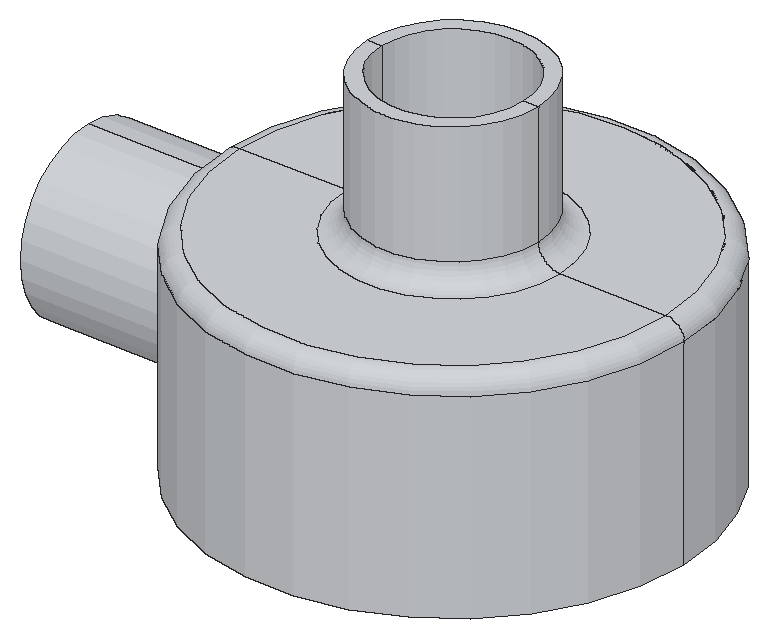
Revit family "TB2B", category Generic Models, Revit 2017
Family settings
  Can host rebar = No
  Round Connector Dimension = Use Diameter
  Part Type = Normal
  Work Plane-Based = Yes
  Always vertical = No
  Cut with Voids When Loaded = No
  Shared = No
  Room Calculation Point = No
Parameters (values of type "NBS Standard Parameters")
  weight = "0.290Kg"
  WarrantyStartDate [instance] = "1900-12-31T23:59:59"
  WarrantyGuarantorParts = "n/a"
  WarrantyGuarantorLabor = "n/a"
  WarrantyDurationUnit = "1 year"
  WarrantyDurationParts = "n/a"
  WarrantyDurationLabor = "n/a"
  WarrantyDescription = "n/a"
  Version = "1"
  Uniclass2 = "Pr_65_70_11_20"
  TagNumber [instance] = "n/a"
  SustainabilityPerformance = "n/a"
  Size = "n/a"
  Shape = "20mm"
  SerialNumber [instance] = "Circular"
  Revision = "n/a"
  ReplacementCost = "n/a"
  ProductInformation = "www.metpro.co.uk/pdf/tb2g.pdf"
  NominalWidth = 66 mm
  NominalLength = 66 mm
  NominalHeight = 50 mm
  Name = ""
  NBSTypeID = ""
  NBSReference = "90-55-10/460"
  NBSOfficeMasterTag = ""
  NBSNote = ""
  NBSDescription = "Conduit Fittings"
  NBSCertification = ""
  ModelReference = "TB2B"
  ModelNumber = "n/a"
  Material = "Malleable Iron"
  ManufacturerURL = "www.metpro.co.uk"
  ManufacturerName = "Metpro Ltd"
  InstallationDate [instance] = "1900-12-31T23:59:59"
  IfcExportType = ""
  IfcExportAs = ""
  Grade = "n/a"
  Finish = "Black"
  Features = "n/a"
  ExpectedLife = "n/a"
  DurationUnit = "year"
  Description = "TB2B - 20mm Terminal Back Outlet Malleable Conduit Box"
  Default Elevation = 1219.2 mm
  Constituents = "n/a"
  Color = "n/a"
  CodePerformance = "n/a"
  Category = "n/a"
  BarCode [instance] = "n/a"
  BIMObjectName = "Metpro_metprolibrary_conduitfittings_metalcomponents_malleablecircularbox"
  Author = "Metpro Ltd"
  AssetType = ""
  AssetIdentifier [instance] = "n/a"
  AccessibilityPerformance = "n/a"
Reference planes
  plane 1 "Center (Front/Back)": y = 0
  plane 2: z = 0
  plane 3 "Center (Left/Right)": x = 0
Forms (mm)
  Revolve 1, solid
    sketch origin (-29.119, 25.271, 15.271) x (1, 0, 0) y (0, 0, -1)
      loop
        line (-32.5, 40.541) -> (-32.5, 12.5)
        arc (-32.5, 12.5) -> (-31.768, 10.732) -> (-30, 10) r 2.5
        line (-30, 10) -> (-15.03, 10)
        arc (-15.03, 10) -> (-12.909, 9.121) -> (-12.03, 7) r 3
        line (-12.03, 7) -> (-12.03, -10) -> (-10, -10) -> (-10, 10.411)
        arc (-10, 10.411) -> (-10.624, 11.917) -> (-12.131, 12.541) r 2.131
        line (-12.131, 12.541) -> (-27, 12.541)
        arc (-27, 12.541) -> (-29.121, 13.42) -> (-30, 15.541) r 3
        line (-30, 15.541) -> (-30, 40.541) -> (-32.5, 40.541)
      axis (0, -10) -> (0, 40.541)
    angle from 0 to 360
  Extrusion 2, solid
    sketch origin (-29.119, 25.271, -25.271) x (-1, 0, 0) y (0, 1, 0)
      loop
        arc (-21.577, 13.805) -> (-16.02, 13.887) -> (-15.821, 19.441) r 4.033
        line (-15.821, 19.441) -> (-19.326, 22.946)
        arc (-19.326, 22.946) -> (-22.235, 20.14) -> (-24.74, 16.968) r 30
        line (-24.74, 16.968) -> (-21.577, 13.805)
      loop
        circle (-18.842, 16.769) r 1.752
      loop
        line (13.805, -21.577) -> (16.968, -24.74)
        arc (16.968, -24.74) -> (20.14, -22.235) -> (22.946, -19.326) r 30
        line (22.946, -19.326) -> (19.441, -15.821)
        arc (19.441, -15.821) -> (13.887, -16.02) -> (13.805, -21.577) r 4.033
      loop
        circle (16.769, -18.842) r 1.752
    from -2.782 to 0
  Extrusion 3, void
    sketch origin (-29.119, 25.271, 15.271) x (0, 0, -1) y (0, 1, 0)
      loop
        circle (26.504, 0.168) r 10
    from -51.5 to -27.375
  Extrusion 4, solid
    sketch origin (-30.619, 25.271, 14.021) x (0, 0, -1) y (0, -1, 0)
      loop
        circle (25.254, -0.168) r 10
      loop
        circle (25.254, -0.168) r 12
    from 24.792 to 50
  Extrusion 5, void
    sketch origin (-29.119, 25.271, -25.271) x (0, 1, 0) y (-1, 0, 0)
      loop
        arc (18.67, 23.482) -> (0, 30) -> (-18.67, 23.482) r 30
        arc (-18.67, 23.482) -> (0, 20.375) -> (18.67, 23.482) r 57.647
    from 0 to 26.508
Cuts and joins
  Extrusion 3, Extrusion 5 cuts Revolve 1
  Extrusion 3, Extrusion 5 cuts Extrusion 4
  joined: Revolve 1, Extrusion 4
Dimensions and locks
  aligned and locked: level to plane 2
